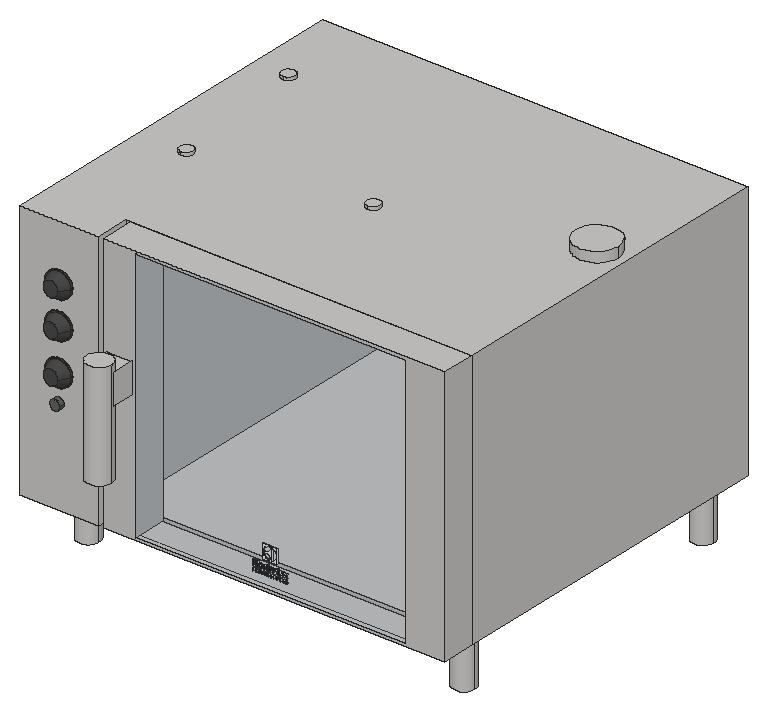
Revit family "QF_ELECTROLUXPROFESSIONAL_260688_EFCE61CSDS", category Attrezzature speciali, Revit 2018
Family settings
  Quota connettore circolare = Usa diametro
  Tipo di parte = Normale
  Basato su piano di lavoro = No
  Sempre verticale = Sì
  Taglio con vuoti quando caricato = No
  Condiviso = No
  Punto di calcolo locali = No
Parameters (values of type "Standard")
  Weight = 79.50 kg
  Watts = 7700 W
  Volts = 380 V
  URL Manufacturer = "https://www.electroluxprofessional.com/"
  URL = "https://www.electroluxprofessional.com/"
  Steam Supply Size = 0 mm
  Steam Supply Minimum Pressure = 0.0 Pa
  Steam Supply Maximum Pressure = 0.0 Pa
  Steam Consumption per Hour = 0
  Show Logo [instance] = yes
  Show Clearance [instance] = yes
  Refrigeration Suction Line Size = 0 mm
  Refrigeration Liquid Line Size = 0 mm
  Refrigerant Compressor Remote = yes
  Produttore = "Electrolux Professional"
  Phase = 3
  Modello = "EFCE61CSDS"
  Length Actual = 860 mm  # constant formula
  Item Number = "260688"
  Hot Water Size = 0 mm
  Height Actual = 633 mm  # constant formula
  HP = "10.3 HP"
  Gas Size = 0 mm
  Gas KW = 0
  Gas Input Pressure = 0 W
  Direct Waste Size = 25 mm
  Descrizione = "CONVECTION OVEN CW 6 GN 1/1 - ELECTRIC"
  Depth Actual = 746 mm  # constant formula
  Cycle = 50 Hz
  Condensate Return Size = 0 mm
  Compressed Air Volume = 0.0 L/s
  Compressed Air Size = 0 mm
  Compressed Air Pressure = 0.0 Pa
  Cold Water Size = 19.05 mm
  Accessory = yes
Types (2, lengths in mm): name | URL | Produttore | Phase | Modello | Direct Waste Size | Descrizione | Cold Water Size
  (no name) | 0 | 0 | 0 | 0 | 0 | 0 | 0
  Standard | "https://www.electroluxprofessional.com/" | "Electrolux Professional" | 3 | "EFCE61CSDS" | 25 | "CONVECTION OVEN CW 6 GN 1/1 - ELECTRIC" | 19.05
Values of the unnamed type that differ from the named types
  Weight = 0.00 kg
  Watts = 0 W
  Volts = 0 V
  URL Manufacturer = ""
  Item Number = ""
  HP = ""
  Cycle = 0 Hz
Reference planes
  plane 1 "Center X": y = 96.851
  plane 2: z = 0
  plane 3 "Center Y": x = -330
  plane 4 "LEFT": x = -760
  plane 5 "BACK": y = 479.851
  plane 6 "RIGHT": x = 100
  plane 7 "FRONT": y = -286.149
  plane 8: x = -710
  plane 9: y = 421.851
  plane 10: y = -217.149
  plane 11: x = 50
  plane 12: y = -935.149
  plane 13: z = 108
  plane 14 "Center Z": z = 633
  plane 15: z = 0
Forms (mm)
  Extrusion 1, solid, material "QF_Finishes_Stainless Steel"
    sketch origin (0, 0, 633) x (-1, 0, 0) y (0, -1, 0)
      loop
        line (760, -479.851) -> (760, 286.149) -> (600, 286.149) -> (600, 217.149) -> (-100, 217.149) -> (-100, -479.851) -> (760, -479.851)
    from 0 to -525
  Extrusion 2, solid, material "QF_Finishes_Stainless Steel"
    sketch origin (0, -286.149, -670) x (-1, 0, 0) y (0, 0, 1)
      loop
        line (590, 1303) -> (-100, 1303) -> (-100, 778) -> (590, 778) -> (590, 1303)
      loop
        line (525, 1298) -> (-20, 1298) -> (-20, 783) -> (525, 783) -> (525, 1298)
    from 0 to 69
  Extrusion 3, solid, material "QF_Finishes_Glass"
    sketch origin (0, -286.149, -670) x (-1, 0, 0) y (0, 0, 1)
      loop
        line (-20, 1298) -> (-20, 783) -> (525, 783) -> (525, 1298) -> (-20, 1298)
    from 0 to 9.69
  Extrusion 4, solid, material "QF_Finishes_Stainless Steel"
    sketch origin (-46, 39, 638) x (0, -1, 0) y (-1, 0, 0)
      loop
        circle (-265.851, 643) r 13.25
    from 0 to 5
  Extrusion 5, solid, material "QF_Door-Drawer Clearances", visible <- "Show Clearance", detail levels coarse
    sketch origin (0, 0, 633) x (-1, 0, 0) y (0, -1, 0)
      loop
        arc (590, 286.149) -> (370.364, 743.933) -> (-100, 935.149) r 704.475
        line (-100, 935.149) -> (-100, 286.149) -> (590, 286.149)
    from -525 to 0
  Extrusion 6, solid, material "QF_Finishes_Stainless Steel"
    sketch origin (-20, -252, 638) x (0, -1, 0) y (-1, 0, 0)
      loop
        circle (-265.851, 643) r 13.25
    from 0 to 5
  Extrusion 7, solid, material "QF_Finishes_Stainless Steel"
    sketch origin (335, -276, 638) x (0, -1, 0) y (-1, 0, 0)
      loop
        circle (-337.851, 658) r 13.25
    from 0 to 5
  Extrusion 8, solid, material "QF_Finishes_Black"
    sketch origin (24, -286.149, -751.676) x (-1, 0, 0) y (0, 0, 1)
      loop
        circle (704, 1195.5) r 26.676
    from 0 to -3
  Blend 9, solid, material "QF_Finishes_Black"
    base sketch origin (-6, -286.149, -751.676) x (1, 0, 0) y (0, 0, 1)
      loop
        circle (-674, 1195.5) r 25
    top sketch origin (-6, -286.149, -751.676) x (1, 0, 0) y (0, 0, 1)
      loop
        circle (-674, 1195.5) r 15
    from 3 to 21.442
  Extrusion 10, solid, material "QF_Finishes_Black"
    sketch origin (24, -286.149, -836.676) x (-1, 0, 0) y (0, 0, 1)
      loop
        circle (704, 1195.5) r 26.676
    from 0 to -3
  Blend 11, solid, material "QF_Finishes_Black"
    base sketch origin (-6, -286.149, -836.676) x (1, 0, 0) y (0, 0, 1)
      loop
        circle (-674, 1195.5) r 25
    top sketch origin (-6, -286.149, -836.676) x (1, 0, 0) y (0, 0, 1)
      loop
        circle (-674, 1195.5) r 15
    from 3 to 21.442
  Extrusion 12, solid, material "QF_Finishes_Black"
    sketch origin (24, -286.149, -971.676) x (-1, 0, 0) y (0, 0, 1)
      loop
        circle (704, 1490.5) r 26.676
    from 0 to -3
  Blend 13, solid, material "QF_Finishes_Black"
    base sketch origin (-6, -286.149, -971.676) x (1, 0, 0) y (0, 0, 1)
      loop
        circle (-674, 1490.5) r 25
    top sketch origin (-6, -286.149, -971.676) x (1, 0, 0) y (0, 0, 1)
      loop
        circle (-674, 1490.5) r 15
    from 3 to 21.442
  Extrusion 14, solid, material "QF_Finishes_Stainless Steel"
    sketch origin (0, -572.298, 425) x (-1, 0, 0) y (0, -1, 0)
      loop
        arc (584.299, -236.149) -> (559.299, -261.149) -> (534.299, -236.149) r 25
        line (534.299, -236.149) -> (534.299, -286.149) -> (584.299, -286.149) -> (584.299, -236.149)
    from -55.026 to 5
  Extrusion 15, solid, material "QF_Finishes_Stainless Steel"
    sketch origin (0, -534.298, 425) x (-1, 0, 0) y (0, -1, 0)
      loop
        circle (559.299, -198.149) r 25
    from -193.655 to 20
  Extrusion 16, solid, material "QF_Finishes_Dark_Gray"
    sketch origin (25, -336.149, -915) x (-1, 0, 0) y (0, 0, 1)
      loop
        circle (705.941, 1218.523) r 10
    from 40 to 50
  Extrusion 17, solid, material "QF_Finishes_Stainless Steel"
    sketch origin (72.184, -18.929, 633) x (-1, 0, 0) y (0, -1, 0)
      loop
        circle (32.184, -192.78) r 43
    from 0 to 20
  Extrusion 18, void
    sketch origin (-600, -680.149, 1750) x (-1, 0, 0) y (0, 0, 1)
      loop
        line (0, -1138.194) -> (-650, -1138.194) -> (-650, -1630) -> (0, -1630) -> (0, -1138.194)
    from 463 to 1102
Cuts and joins
  Extrusion 18 cuts Extrusion 1
Lines and regions (mm)
  Split face 1
    outline origin (-760, -286.149, 633) x (0, 0, -1) y (1, 0, 0)
      loop
        line (5, 15) -> (520, 15) -> (520, 145) -> (5, 145) -> (5, 15)
  Split face 2
    outline origin (-776.014, -286.149, 425.001) x (0, 0, -1) y (1, 0, 0)
      loop
        line (152.5, 78.5) -> (168.75, 78.5) -> (168.75, 113.5) -> (152.5, 113.5) -> (152.5, 78.5)
  Split face 3
    outline origin (-760, -286.149, 633) x (0, 0, -1) y (1, 0, 0)
      loop
        line (50, 15) -> (50, 145)
  Split face 4
    outline origin (-760, -286.149, 633) x (0, 0, -1) y (1, 0, 0)
      loop
        line (475, 15) -> (475, 145)
  Split face 5
    outline origin (20, -286.149, 113) x (1, 0, 0) y (0, 0, 1)
      loop
        line (-524.004, 73.11) -> (-374.004, 73.11) -> (-352.791, 94.323) -> (-192.209, 94.323) -> (-170.996, 73.11) -> (-20.996, 73.11) -> (-20.996, 448.11) -> (-524.004, 448.11) -> (-524.004, 73.11)
  symbolic lines
    curve 1: line (-760, -286.149, 1303) -> (-760, 479.851, 1303)
    curve 2: line (-760, 479.851, 1303) -> (100, 479.851, 1303)
    curve 3: line (-600, -217.149, 1303) -> (100, -217.149, 1303)
    curve 4: line (-600, -217.149, 1303) -> (-600, -286.149, 1303)
    curve 5: line (-760, -286.149, 1303) -> (100, -286.149, 1303)
    curve 6: line (-706.676, -289.149, 1303) -> (-653.324, -289.149, 1303)
    curve 7: line (-695, -307.591, 1303) -> (-665, -307.591, 1303)
    curve 8: line (-706.676, -289.149, 1303) -> (-706.676, -286.149, 1303)
    curve 9: line (-653.324, -289.149, 1303) -> (-653.324, -286.149, 1303)
    curve 10: line (-695, -307.591, 1303) -> (-705, -289.149, 1303)
    curve 11: line (-665, -307.591, 1303) -> (-655.006, -289.149, 1303)
    curve 12: line (100, 479.851, 1303) -> (100, -286.149, 1303)
    curve 14: line (-534.299, -336.149, 1303) -> (-534.299, -286.149, 1303)
    curve 15: line (-584.299, -286.149, 1303) -> (-584.299, -336.149, 1303)
    curve 16: arc (-534.299, -336.149, 1303) -> (-559.299, -361.149, 1303) -> (-584.299, -336.149, 1303) r 25
    curve 17: arc (-584.299, -336.149, 1303) -> (-559.299, -311.149, 1303) -> (-534.299, -336.149, 1303) r 25
    curve 19: arc (83, 173.851, 1303) -> (40, 216.851, 1303) -> (-3, 173.851, 1303) r 43
    curve 20: arc (-3, 173.851, 1303) -> (40, 130.851, 1303) -> (83, 173.851, 1303) r 43
  symbolic lines, style "QF_Door-Drawer Clearances"
    curve 13: line (100, -935.149, 1303) -> (100, -286.149, 1303)
    curve 18: arc (-590, -286.149, 1303) -> (-370.364, -743.933, 1303) -> (100, -935.149, 1303) r 704.475
Dimensions and locks
  equal spacing: plane 4 "LEFT", plane 3 "Center Y", plane 6 "RIGHT"
  plane 4 "LEFT" to plane 6 "RIGHT" = 860 mm
  plane 5 "BACK" to plane 7 "FRONT" = 766 mm
  equal spacing: plane 5 "BACK", plane 1 "Center X", plane 7 "FRONT"
  plane 5 "BACK" to plane 12 = 1415 mm
  plane 13 to plane 15 = 108 mm
  plane 14 "Center Z" to plane 13 = 525 mm
  plane 14 "Center Z" to plane 15 = 633 mm
  aligned and locked: level to plane 2
  aligned and locked: plane 13 to nested 1
  aligned and locked: plane 13 to nested 2
  aligned and locked: plane 13 to nested 4
  aligned and locked: plane 13 to nested 3
  aligned and locked: Extrusion 1 to plane 13
  aligned and locked: Blend 9 to Extrusion 8
  aligned and locked: Blend 11 to Extrusion 10
  aligned and locked: Blend 13 to Extrusion 12
Automatic sketch dimensions
  curve 16 to curve 17 = 0 mm  (x2)
  curve 19 to curve 20 = 0 mm  (x2)
  curve 18 to plane 6 "RIGHT" = 0 mm
  curve 14 to plane 7 "FRONT" = 0 mm
  curve 3 to plane 10 = 0 mm
  curve 1 to plane 4 "LEFT" = 0 mm
  curve 1 to plane 5 "BACK" = 0 mm
  curve 13 to plane 12 = 0 mm
  plane 6 "RIGHT" to curve 18 = 12.296 mm
  curve 20 to plane 11 = 10 mm
  curve 14 to plane 7 "FRONT" = 50 mm
  plane 8 to curve 14 = 175.701 mm
  curve 14 to curve 16 = 25 mm
  curve 15 to curve 3 = 15.701 mm
  curve 9 to plane 7 "FRONT" = 3 mm
  curve 4 to curve 9 = 53.324 mm
  curve 11 to plane 7 "FRONT" = 21.442 mm
  curve 6 to curve 11 = 11.676 mm
  plane 8 to curve 10 = 15 mm
  plane 8 to curve 8 = 3.324 mm
  curve 20 to plane 1 "Center X" = 77 mm
  curve 18 to plane 10 = 13.632 mm
  curve 19 to plane 6 "RIGHT" = 17 mm
  curve 6 to curve 11 = 1.682 mm
  curve 10 to curve 6 = 1.676 mm
  Extrusion 1 sketch curve to plane 5 "BACK" = 0 mm
  Extrusion 1 sketch curve to plane 6 "RIGHT" = 0 mm
  Extrusion 1 sketch curve to plane 10 = 0 mm
  Extrusion 1 sketch curve to plane 7 "FRONT" = 0 mm
  Extrusion 1 sketch curve to plane 4 "LEFT" = 0 mm
  plane 8 to Extrusion 1 sketch curve = 110 mm
  Extrusion 2 sketch curve to plane 6 "RIGHT" = 0 mm
  Extrusion 2 sketch curve to plane 13 = 0 mm
  Extrusion 2 sketch curve to plane 14 "Center Z" = 0 mm
  plane 13 to Extrusion 2 sketch curve = 5 mm
  Extrusion 2 sketch curve to plane 11 = 30 mm
  Extrusion 2 sketch curve to plane 14 "Center Z" = 5 mm
  plane 8 to Extrusion 2 sketch curve = 185 mm
  Extrusion 2 sketch curve to Extrusion 2 sketch curve = 65 mm
  plane 13 to Extrusion 3 sketch curve = 5 mm
  Extrusion 3 sketch curve to plane 11 = 30 mm
  plane 8 to Extrusion 3 sketch curve = 185 mm  (x2)
  Extrusion 3 sketch curve to plane 14 "Center Z" = 5 mm
  plane 8 to Extrusion 4 sketch curve = 21 mm
  Extrusion 4 sketch curve to plane 9 = 117 mm
  Extrusion 5 sketch curve to plane 6 "RIGHT" = 0 mm
  Extrusion 5 sketch curve to plane 7 "FRONT" = 0 mm
  Extrusion 5 sketch curve to plane 12 = 0 mm
  plane 6 "RIGHT" to Extrusion 5 sketch curve = 12.296 mm
  plane 8 to Extrusion 5 sketch curve = 120 mm
  Split face 1 sketch curve to Extrusion 1 = 5 mm  (x2)
  Split face 1 sketch curve to Extrusion 1 = 15 mm  (x2)
  Split face 2 sketch curve to Extrusion 1 = 62.514 mm
  Split face 2 sketch curve to Extrusion 1 = 164.501 mm
  Split face 2 sketch curve to Split face 2 sketch curve = 16.25 mm
  Split face 2 sketch curve to Split face 2 sketch curve = 35 mm
  plane 1 "Center X" to Extrusion 6 sketch curve = 83 mm
  plane 8 to Extrusion 6 sketch curve = 47 mm
  plane 3 "Center Y" to Extrusion 7 sketch curve = 7 mm
  plane 1 "Center X" to Extrusion 7 sketch curve = 35 mm
  Split face 3 sketch curve to Extrusion 1 = 15 mm  (x2)
  Split face 3 sketch curve to Extrusion 1 = 50 mm
  Split face 4 sketch curve to Extrusion 1 = 15 mm  (x2)
  Split face 4 sketch curve to Extrusion 1 = 50 mm
  plane 8 to Extrusion 8 sketch curve = 30 mm
  Extrusion 8 sketch curve to plane 14 "Center Z" = 189.176 mm
  plane 8 to Blend 9 sketch curve = 30 mm  (x2)
  Blend 9 sketch curve to plane 14 "Center Z" = 189.176 mm  (x2)
  plane 8 to Extrusion 10 sketch curve = 30 mm
  plane 13 to Extrusion 10 sketch curve = 250.824 mm
  plane 8 to Blend 11 sketch curve = 30 mm  (x2)
  plane 13 to Blend 11 sketch curve = 250.824 mm  (x2)
  plane 8 to Extrusion 12 sketch curve = 30 mm
  Extrusion 12 sketch curve to plane 14 "Center Z" = 114.176 mm
  plane 8 to Blend 13 sketch curve = 30 mm  (x2)
  Blend 13 sketch curve to plane 14 "Center Z" = 114.176 mm  (x2)
  Split face 5 sketch curve to Extrusion 3 = 20.996 mm  (x2)
  Split face 5 sketch curve to Extrusion 3 = 73.11 mm  (x2)
  Split face 5 sketch curve to Split face 5 sketch curve = 150 mm
  Split face 5 sketch curve to Split face 5 sketch curve = 21.213 mm  (x3)
  Split face 5 sketch curve to Split face 5 sketch curve = 160.583 mm
  Split face 5 sketch curve to Extrusion 3 = 66.89 mm
  Extrusion 14 sketch curve to plane 7 "FRONT" = 0 mm
  plane 8 to Extrusion 14 sketch curve = 175.701 mm
  Extrusion 14 sketch curve to Extrusion 14 sketch curve = 25 mm
  Extrusion 14 sketch curve to Extrusion 14 sketch curve = 50 mm
  Extrusion 14 sketch curve to plane 7 "FRONT" = 50 mm
  Extrusion 14 sketch curve to Extrusion 14 sketch curve = 0 mm  (x3)
  Extrusion 15 sketch curve to plane 7 "FRONT" = 50 mm
  plane 8 to Extrusion 15 sketch curve = 150.701 mm
  plane 8 to Extrusion 16 sketch curve = 29.059 mm
  plane 13 to Extrusion 16 sketch curve = 195.523 mm
  Extrusion 17 sketch curve to plane 11 = 10 mm
  Extrusion 17 sketch curve to plane 1 "Center X" = 77 mm
  Extrusion 18 sketch curve to plane 11 = 0 mm
  plane 13 to Extrusion 18 sketch curve = 12 mm
  plane 8 to Extrusion 18 sketch curve = 110 mm
  Extrusion 18 sketch curve to plane 14 "Center Z" = 21.194 mm
  radius of Extrusion 4 sketch curve = 13.25 mm
  radius of Extrusion 6 sketch curve = 13.25 mm
  radius of Extrusion 7 sketch curve = 13.25 mm
  radius of Extrusion 8 sketch curve = 26.676 mm
  radius of Blend 9 sketch curve = 25 mm
  radius of Blend 9 sketch curve = 15 mm
  radius of Extrusion 10 sketch curve = 26.676 mm
  radius of Blend 11 sketch curve = 25 mm
  radius of Blend 11 sketch curve = 15 mm
  radius of Extrusion 12 sketch curve = 26.676 mm
  radius of Blend 13 sketch curve = 25 mm
  radius of Blend 13 sketch curve = 15 mm
  radius of Extrusion 15 sketch curve = 25 mm
  radius of Extrusion 16 sketch curve = 10 mm
  radius of Extrusion 17 sketch curve = 43 mm
Nested families
  nested 1: "Foot" at (-710, -175.149, 0), type "Foot"
    with Ø 22 mm, H 108 mm
  nested 2: "Foot" at (50, -175.149, 0), type "Foot"
    with Ø 22 mm, H 108 mm
  nested 3: "Foot" at (50, 429.851, 0), type "Foot"
    with Ø 22 mm, H 108 mm
  nested 4: "Foot" at (-710, 429.851, 0), type "Foot"
    with Ø 22 mm, H 108 mm
  nested 5: "ELX_Pro_Logo" at (-252.5, -286.149, 163.012) x (1, 0, 0) z (0, -1, 0), type "ELX_Pro_Logo"
Connectors
  piping at (-323, 61.851, 638), diameter 26.4
    settings: on Extrusion 7, index 6, connector inside diameter 609.6 mm, connector length 0 mm, flow factor 0, pipe flow 0.0 L/s, pressure drop 0.0 Pa, fitting loss kfactor 0, connector angle 0.00°, fixture units 0, engagement length 0 mm, angle of deflection 0.00°, flow configuration 0, flow direction 0, fitting loss method 0, system type 16, joint type 0, gender type 0, connector reference index -1, connector utility 0, adjustable connector no, is connector primary yes, connector description ""
  electrical at (-663, 13.851, 638)
    settings: on Extrusion 6, index 7, voltage 0 V, apparent load 0 VA, apparent load phase1 0 VA, apparent load phase2 0 VA, apparent load phase3 0 VA, power factor 1, load classification "Altro", number of poles 1, system type 30, power factor state 1, is connector primary yes, connector utility no, sub classification motor no, connector description ""
  piping at (-689, 304.851, 638), diameter 19.05, driven by "Cold Water Size"
    settings: on Extrusion 4, index 8, connector inside diameter 609.6 mm, connector length 0 mm, flow factor 0, pipe flow 0.0 L/s, pressure drop 0.0 Pa, fitting loss kfactor 0, connector angle 0.00°, fixture units 0, engagement length 0 mm, angle of deflection 0.00°, flow configuration 0, flow direction 0, fitting loss method 0, system type 20, joint type 0, gender type 0, connector reference index -1, connector utility 0, adjustable connector no, is connector primary no, connector description "Cold Water Inlet"
Definition of nested family "Foot"
  Parameters
    Ø [instance] = 20 mm
    H [instance] = 50 mm
  Reference planes
    plane 1 "Centro (Fronte/Retro)": y = 0
    plane 2: z = 0
    plane 3 "Centro (Sinistra/Destra)": x = 0
    plane 4: z = 50
  Forms (mm)
    Revolve 1, solid
      sketch origin (255.05, 0, 608.09) x (0, 0, 1) y (-1, 0, 0)
        loop
          line (-608.09, 255.05) -> (-608.09, 235.05) -> (-558.09, 235.05) -> (-558.09, 255.05) -> (-608.09, 255.05)
        axis (-608.09, 255.05) -> (-558.09, 255.05)
      angle from 0 to 360
  Dimensions and locks
    "H": plane 4 to plane 2
    "Ø": Revolve 1 sketch curve to Revolve 1 sketch curve
    aligned and locked: level to plane 2
    aligned and locked: plane 4 to Revolve 1 sketch curve
    aligned and locked: Revolve 1 sketch curve to level
    aligned and locked: plane 3 "Centro (Sinistra/Destra)" to Revolve 1 sketch curve
  Automatic sketch dimensions
    Revolve 1 sketch curve to plane 3 "Centro (Sinistra/Destra)" = 0 mm
    Revolve 1 sketch curve to Revolve 1 sketch curve = 50 mm
    Revolve 1 sketch curve to Revolve 1 sketch curve = 20 mm
Definition of nested family "ELX_Pro_Logo"
  Parameters (values of type "ELX_Pro_Logo")
    M = none
    Default Elevation = 0 mm
  Reference planes
    plane 1 "Centro (Fronte/Retro)": y = 0
    plane 2: z = 0
    plane 3 "Centro (Sinistra/Destra)": x = 0
  Forms (mm)
    Extrusion 1, solid
      sketch origin (0, 0, 0) x (1, 0, 0) y (0, 1, 0)
        loop
          line (-1219.2, 1219.2) -> (-1219.2, -1219.2) -> (1219.2, -1219.2) -> (1219.2, 1219.2) -> (-1219.2, 1219.2)
      from 0 to -304.8
    Extrusion 2, solid, material <- "M"
      sketch origin (-144.622, -1081.55, 0) x (-1, 0, 0) y (0, -1, 0)
        loop
          line (-111.329, -1069.559) -> (-111.329, -1071.073) -> (-116.048, -1071.073) -> (-116.048, -1072.896) -> (-111.328, -1072.896) -> (-111.328, -1075.549) -> (-116.349, -1075.549) -> (-116.349, -1077.368) -> (-109.396, -1077.368) -> (-109.396, -1073.46) -> (-109.396, -1069.659)
          arc (-109.396, -1069.659) -> (-110.425, -1067.175) -> (-112.909, -1066.146) r 3.513
          line (-112.909, -1066.146) -> (-116.483, -1066.146) -> (-116.483, -1067.963) -> (-112.925, -1067.963)
          arc (-112.925, -1067.963) -> (-111.797, -1068.431) -> (-111.329, -1069.559) r 1.596
        loop
          line (-119.79, -1077.358) -> (-117.856, -1077.358) -> (-117.856, -1072.053) -> (-117.856, -1066.132) -> (-119.79, -1066.132) -> (-119.79, -1072.092) -> (-119.79, -1077.358)
        loop
          line (-122.986, -1069.718) -> (-129.327, -1069.718)
          arc (-129.327, -1069.718) -> (-129.219, -1071.449) -> (-128.497, -1073.026) r 4.757
          arc (-128.497, -1073.026) -> (-125.237, -1074.5) -> (-121.978, -1073.026) r 4.34
          arc (-121.978, -1073.026) -> (-121.072, -1070.207) -> (-121.978, -1067.388) r 4.838
          arc (-121.978, -1067.388) -> (-125.393, -1065.933) -> (-128.809, -1067.388) r 4.737
          line (-128.809, -1067.388) -> (-127.645, -1068.52)
          arc (-127.645, -1068.52) -> (-125.509, -1067.576) -> (-123.374, -1068.52) r 2.888
          arc (-123.374, -1068.52) -> (-123.05, -1069.077) -> (-122.986, -1069.718) r 1.527
        loop
          arc (-127.386, -1071.076) -> (-126.67, -1072.331) -> (-125.331, -1072.872) r 2.201
          arc (-125.331, -1072.872) -> (-123.848, -1072.402) -> (-123.033, -1071.076) r 2.23
          line (-123.033, -1071.076) -> (-127.386, -1071.076)
        loop
          line (-136.862, -1071.886) -> (-138.059, -1073.132)
          arc (-138.059, -1073.132) -> (-130.327, -1070.219) -> (-138.059, -1067.306) r 4.415
          line (-138.059, -1067.306) -> (-136.862, -1068.553)
          arc (-136.862, -1068.553) -> (-132.252, -1070.22) -> (-136.862, -1071.886) r 2.606
        loop
          line (-141.192, -1069.673) -> (-141.192, -1072.494) -> (-142.951, -1072.494) -> (-142.951, -1074.25) -> (-141.195, -1074.25) -> (-141.195, -1077.358) -> (-139.262, -1077.358) -> (-139.262, -1073.332) -> (-139.262, -1069.514)
          arc (-139.262, -1069.514) -> (-140.299, -1066.92) -> (-142.98, -1066.132) r 3.196
          line (-142.98, -1066.132) -> (-142.987, -1067.949)
          arc (-142.987, -1067.949) -> (-141.652, -1068.356) -> (-141.192, -1069.673) r 1.542
        loop
          line (-146.494, -1073.042) -> (-146.494, -1074.25) -> (-144.576, -1074.25) -> (-144.576, -1070.271) -> (-144.576, -1066.132) -> (-146.494, -1066.132) -> (-146.494, -1070.401)
          arc (-146.494, -1070.401) -> (-147.446, -1072.228) -> (-149.489, -1072.494) r 2.229
          line (-149.489, -1072.494) -> (-149.489, -1074.362)
          arc (-149.489, -1074.362) -> (-147.761, -1074.226) -> (-146.494, -1073.042) r 2.627
        loop
          line (-159.833, -1072.246) -> (-159.833, -1066.131) -> (-161.767, -1066.131) -> (-161.767, -1072.17) -> (-161.767, -1077.359) -> (-159.833, -1077.359) -> (-159.833, -1072.246)
        loop
          line (-165.194, -1069.514) -> (-165.194, -1074.25) -> (-163.245, -1074.25) -> (-163.245, -1071.898) -> (-163.245, -1069.098)
          arc (-163.245, -1069.098) -> (-166.96, -1065.769) -> (-170.687, -1069.085) r 3.745
          line (-170.687, -1069.085) -> (-170.687, -1071.898) -> (-170.687, -1074.25) -> (-168.739, -1074.25) -> (-168.739, -1069.514)
          arc (-168.739, -1069.514) -> (-166.967, -1067.742) -> (-165.194, -1069.514) r 1.772
        loop
          line (-174.654, -1070.416) -> (-172.975, -1068.078) -> (-171.578, -1066.131) -> (-173.656, -1066.131) -> (-175.717, -1068.999) -> (-177.779, -1066.131) -> (-179.857, -1066.131) -> (-178, -1068.728) -> (-176.781, -1070.433) -> (-178.29, -1072.488) -> (-179.583, -1074.25) -> (-177.473, -1074.25) -> (-175.717, -1071.818) -> (-173.945, -1074.25) -> (-171.852, -1074.25) -> (-173.052, -1072.608) -> (-174.654, -1070.416)
        loop
          circle (-154.223, -1070.188) r 2.508
        loop
          circle (-154.223, -1070.188) r 4.42
        loop
          line (-110.224, -1058.542) -> (-111.194, -1058.542)
          arc (-111.194, -1058.542) -> (-112.217, -1059.95) -> (-110.924, -1061.114) r 1.3
          line (-110.924, -1061.114) -> (-109.424, -1061.114) -> (-109.424, -1057.223) -> (-110.224, -1057.223) -> (-110.224, -1058.542)
        loop
          line (-110.224, -1060.379) -> (-110.224, -1059.293) -> (-111.03, -1059.293)
          arc (-111.03, -1059.293) -> (-111.43, -1059.836) -> (-111.03, -1060.379) r 0.569
          line (-111.03, -1060.379) -> (-110.224, -1060.379)
        loop
          line (-116.302, -1058.564) -> (-117.128, -1058.564) -> (-117.934, -1057.223) -> (-118.841, -1057.223) -> (-117.833, -1058.884)
          arc (-117.833, -1058.884) -> (-118.214, -1060.282) -> (-117.028, -1061.114) r 1.26
          line (-117.028, -1061.114) -> (-115.503, -1061.114) -> (-115.503, -1057.223) -> (-116.302, -1057.223) -> (-116.302, -1058.564)
        loop
          line (-116.302, -1060.379) -> (-116.302, -1059.293) -> (-117.109, -1059.293)
          arc (-117.109, -1059.293) -> (-117.508, -1059.836) -> (-117.109, -1060.379) r 0.569
          line (-117.109, -1060.379) -> (-116.302, -1060.379)
        loop
          line (-128.923, -1057.223) -> (-129.723, -1057.223) -> (-129.723, -1058.714) -> (-131.187, -1058.714) -> (-131.187, -1059.514) -> (-129.723, -1059.514) -> (-129.723, -1060.314) -> (-131.327, -1060.314) -> (-131.327, -1061.114) -> (-128.923, -1061.114) -> (-128.923, -1057.223)
        loop
          arc (-134.628, -1058.469) -> (-134.992, -1057.588) -> (-135.874, -1057.223) r 1.246
          line (-135.874, -1057.223) -> (-137.13, -1057.223) -> (-137.13, -1058.023) -> (-135.969, -1058.023)
          arc (-135.969, -1058.023) -> (-135.53, -1058.237) -> (-135.427, -1058.714) r 0.558
          line (-135.427, -1058.714) -> (-136.984, -1058.714) -> (-136.984, -1059.514) -> (-135.427, -1059.514) -> (-135.427, -1060.314) -> (-137.092, -1060.314) -> (-137.092, -1061.114) -> (-134.628, -1061.114) -> (-134.628, -1058.469)
        loop
          line (-152.3, -1057.223) -> (-153.1, -1057.223) -> (-153.1, -1061.114) -> (-152.3, -1061.114) -> (-152.3, -1057.223)
        loop
          line (-164.67, -1057.223) -> (-164.67, -1059.67) -> (-166.45, -1057.223) -> (-167.25, -1057.223) -> (-167.25, -1061.114) -> (-166.42, -1061.114) -> (-166.42, -1058.594) -> (-164.64, -1061.114) -> (-163.84, -1061.114) -> (-163.84, -1057.223) -> (-164.67, -1057.223)
        loop
          line (-170.403, -1057.223) -> (-171.262, -1057.223) -> (-171.641, -1058.063) -> (-173.08, -1058.063) -> (-173.459, -1057.223) -> (-174.317, -1057.223) -> (-172.796, -1061.113) -> (-171.996, -1061.113) -> (-170.403, -1057.223)
        loop
          line (-177.493, -1057.223) -> (-179.789, -1057.223) -> (-179.789, -1058.023) -> (-178.293, -1058.023) -> (-178.293, -1061.114) -> (-177.493, -1061.114) -> (-177.493, -1057.223)
        loop
          line (-172.362, -1059.848) -> (-171.945, -1058.83) -> (-172.76, -1058.83) -> (-172.362, -1059.848)
        loop
          circle (-158.484, -1059.145) r 1.288
        loop
          circle (-158.484, -1059.145) r 2.065
        loop
          arc (-146.04, -1058.095) -> (-146.933, -1057.275) -> (-148.145, -1057.245) r 1.725
          arc (-148.145, -1057.245) -> (-148.965, -1058.02) -> (-148.68, -1059.111) r 1.107
          arc (-148.68, -1059.111) -> (-148.103, -1059.465) -> (-147.486, -1059.746) r 5.523
          arc (-147.486, -1059.746) -> (-147.147, -1060.262) -> (-147.708, -1060.52) r 0.407
          arc (-147.708, -1060.52) -> (-148.045, -1060.315) -> (-148.325, -1060.038) r 1.702
          line (-148.325, -1060.038) -> (-149.011, -1060.45)
          arc (-149.011, -1060.45) -> (-148.578, -1060.911) -> (-148.043, -1061.247) r 2.463
          arc (-148.043, -1061.247) -> (-146.373, -1060.466) -> (-147.42, -1058.949) r 1.207
          spline (-147.42, -1058.949) -> (-147.716, -1058.809) -> (-147.932, -1058.678) -> (-148.077, -1058.557) -> (-148.163, -1058.446) -> (-148.198, -1058.347) -> (-148.192, -1058.258) -> (-148.157, -1058.182) -> (-148.102, -1058.118) -> (-148.037, -1058.068) -> (-147.972, -1058.031) -> (-147.917, -1058.008) -> (-147.883, -1058)
          arc (-147.883, -1058) -> (-147.238, -1058.014) -> (-146.759, -1058.446) r 0.925
          line (-146.759, -1058.446) -> (-146.04, -1058.095)
        loop
          arc (-140.18, -1058.095) -> (-141.073, -1057.275) -> (-142.285, -1057.245) r 1.725
          arc (-142.285, -1057.245) -> (-143.106, -1058.02) -> (-142.821, -1059.111) r 1.107
          arc (-142.821, -1059.111) -> (-142.243, -1059.465) -> (-141.627, -1059.746) r 5.523
          arc (-141.627, -1059.746) -> (-141.287, -1060.262) -> (-141.849, -1060.52) r 0.407
          arc (-141.849, -1060.52) -> (-142.185, -1060.315) -> (-142.466, -1060.038) r 1.702
          line (-142.466, -1060.038) -> (-143.151, -1060.45)
          arc (-143.151, -1060.45) -> (-142.719, -1060.911) -> (-142.183, -1061.247) r 2.463
          arc (-142.183, -1061.247) -> (-140.513, -1060.466) -> (-141.56, -1058.949) r 1.207
          spline (-141.56, -1058.949) -> (-141.856, -1058.809) -> (-142.072, -1058.678) -> (-142.218, -1058.557) -> (-142.303, -1058.446) -> (-142.338, -1058.347) -> (-142.333, -1058.258) -> (-142.298, -1058.182) -> (-142.242, -1058.118) -> (-142.177, -1058.068) -> (-142.112, -1058.031) -> (-142.057, -1058.008) -> (-142.023, -1058)
          arc (-142.023, -1058) -> (-141.378, -1058.014) -> (-140.9, -1058.446) r 0.925
          line (-140.9, -1058.446) -> (-140.18, -1058.095)
        loop
          circle (-123.484, -1059.145) r 1.288
        loop
          circle (-123.484, -1059.145) r 2.065
        loop
          line (-130.225, -1113.361) -> (-130.225, -1084.645) -> (-158.979, -1084.645) -> (-158.979, -1113.361) -> (-130.225, -1113.361)
        loop
          arc (-148.442, -1086.055) -> (-157.992, -1098.973) -> (-148.442, -1111.892) r 13.512
          line (-148.442, -1111.892) -> (-148.442, -1086.055)
        loop
          line (-147.127, -1086.055) -> (-147.127, -1087.926)
          arc (-147.127, -1087.926) -> (-143.116, -1095.125) -> (-135.48, -1098.224) r 12.412
          line (-135.48, -1098.224) -> (-131.205, -1098.224)
          arc (-131.205, -1098.224) -> (-136.382, -1088.497) -> (-147.127, -1086.055) r 13.242
        loop
          line (-147.127, -1110.021) -> (-147.127, -1112.224)
          arc (-147.127, -1112.224) -> (-136.374, -1109.53) -> (-131.205, -1099.722) r 13.588
          line (-131.205, -1099.722) -> (-135.48, -1099.722)
          arc (-135.48, -1099.722) -> (-143.116, -1102.822) -> (-147.127, -1110.021) r 12.412
      from 0 to 1.6
  Lines and regions (mm)
    symbolic lines
      curve 1: line (-14.357, 31.811, 0) -> (14.357, 31.811, 0)
      curve 2: line (-14.357, 3.095, 0) -> (-14.357, 31.811, 0)
      curve 3: line (14.357, 3.095, 0) -> (-14.357, 3.095, 0)
      curve 4: line (14.357, 31.811, 0) -> (14.357, 3.095, 0)
      curve 5: line (-8.32, 7.722, 0) -> (-9.387, 8.738, 0)
      curve 6: line (-9.387, 8.738, 0) -> (-10.331, 9.866, 0)
      curve 7: line (-10.331, 9.866, 0) -> (-11.141, 11.095, 0)
      curve 8: line (-11.141, 11.095, 0) -> (-11.805, 12.411, 0)
      curve 9: line (-11.805, 12.411, 0) -> (-12.31, 13.803, 0)
      curve 10: line (-12.31, 13.803, 0) -> (-12.646, 15.26, 0)
      curve 11: line (-12.646, 15.26, 0) -> (-12.8, 16.77, 0)
      curve 12: line (-12.8, 16.77, 0) -> (-10.081, 16.77, 0)
      curve 13: line (-10.081, 16.77, 0) -> (-8.466, 16.661, 0)
      curve 14: line (-8.466, 16.661, 0) -> (-6.88, 16.344, 0)
      curve 15: line (-6.88, 16.344, 0) -> (-5.345, 15.833, 0)
      curve 16: line (-5.345, 15.833, 0) -> (-3.882, 15.143, 0)
      curve 17: line (-3.882, 15.143, 0) -> (-2.511, 14.288, 0)
      curve 18: line (-2.511, 14.288, 0) -> (-1.255, 13.283, 0)
      curve 19: line (-1.255, 13.283, 0) -> (-0.135, 12.143, 0)
      curve 20: line (-0.135, 12.143, 0) -> (0.83, 10.882, 0)
      curve 21: line (0.83, 10.882, 0) -> (1.616, 9.515, 0)
      curve 22: arc (1.616, 9.515, 0) -> (2.419, 7.28, 0) -> (2.7, 4.923, 0) r 10.532
      curve 23: arc (2.7, 4.923, 0) -> (1.362, 4.715, 0) -> (0.011, 4.633, 0) r 14.39
      curve 24: line (0.011, 4.633, 0) -> (-1.56, 4.731, 0)
      curve 25: line (-1.56, 4.731, 0) -> (-3.062, 5.011, 0)
      curve 26: line (-3.062, 5.011, 0) -> (-4.502, 5.462, 0)
      curve 27: line (-4.502, 5.462, 0) -> (-5.866, 6.072, 0)
      curve 28: line (-5.866, 6.072, 0) -> (-7.142, 6.829, 0)
      curve 29: line (-7.142, 6.829, 0) -> (-8.32, 7.722, 0)
      curve 30: line (-10.802, 24.24, 0) -> (-9.872, 25.531, 0)
      curve 31: line (-9.872, 25.531, 0) -> (-8.796, 26.699, 0)
      curve 32: line (-8.796, 26.699, 0) -> (-7.587, 27.728, 0)
      curve 33: line (-7.587, 27.728, 0) -> (-6.258, 28.602, 0)
      curve 34: line (-6.258, 28.602, 0) -> (-4.823, 29.309, 0)
      curve 35: line (-4.823, 29.309, 0) -> (-3.293, 29.832, 0)
      curve 36: line (-3.293, 29.832, 0) -> (-1.683, 30.156, 0)
      curve 37: arc (-1.683, 30.156, 0) -> (0.517, 30.256, 0) -> (2.702, 29.984, 0) r 13.008
      curve 38: arc (2.702, 29.984, 0) -> (2.453, 27.616, 0) -> (1.617, 25.387, 0) r 9.395
      curve 39: line (1.617, 25.387, 0) -> (0.83, 24.018, 0)
      curve 40: line (0.83, 24.018, 0) -> (-0.134, 22.756, 0)
      curve 41: line (-0.134, 22.756, 0) -> (-1.255, 21.615, 0)
      curve 42: line (-1.255, 21.615, 0) -> (-2.512, 20.609, 0)
      curve 43: line (-2.512, 20.609, 0) -> (-3.882, 19.754, 0)
      curve 44: line (-3.882, 19.754, 0) -> (-5.346, 19.063, 0)
      curve 45: line (-5.346, 19.063, 0) -> (-6.881, 18.551, 0)
      curve 46: line (-6.881, 18.551, 0) -> (-8.467, 18.234, 0)
      curve 47: line (-8.467, 18.234, 0) -> (-10.083, 18.125, 0)
      curve 48: line (-10.083, 18.125, 0) -> (-12.798, 18.125, 0)
      curve 49: line (-12.798, 18.125, 0) -> (-12.584, 19.768, 0)
      curve 50: line (-12.584, 19.768, 0) -> (-12.171, 21.343, 0)
      curve 51: line (-12.171, 21.343, 0) -> (-11.572, 22.839, 0)
      curve 52: line (-11.572, 22.839, 0) -> (-10.802, 24.24, 0)
      curve 53: line (4.048, 5.294, 0) -> (4.048, 29.617, 0)
      curve 54: line (4.048, 29.617, 0) -> (5.525, 29.026, 0)
      curve 55: line (5.525, 29.026, 0) -> (6.905, 28.26, 0)
      curve 56: line (6.905, 28.26, 0) -> (8.174, 27.332, 0)
      curve 57: line (8.174, 27.332, 0) -> (9.318, 26.256, 0)
      curve 58: line (9.318, 26.256, 0) -> (10.323, 25.046, 0)
      curve 59: line (10.323, 25.046, 0) -> (11.177, 23.715, 0)
      curve 60: line (11.177, 23.715, 0) -> (11.865, 22.277, 0)
      curve 61: line (11.865, 22.277, 0) -> (12.375, 20.746, 0)
      curve 62: line (12.375, 20.746, 0) -> (12.693, 19.135, 0)
      curve 63: line (12.693, 19.135, 0) -> (12.804, 17.459, 0)
      curve 64: line (12.804, 17.459, 0) -> (12.702, 15.807, 0)
      curve 65: line (12.702, 15.807, 0) -> (12.396, 14.216, 0)
      curve 66: line (12.396, 14.216, 0) -> (11.897, 12.7, 0)
      curve 67: line (11.897, 12.7, 0) -> (11.218, 11.271, 0)
      curve 68: line (11.218, 11.271, 0) -> (10.372, 9.944, 0)
      curve 69: line (10.372, 9.944, 0) -> (9.37, 8.731, 0)
      curve 70: line (9.37, 8.731, 0) -> (8.224, 7.646, 0)
      curve 71: line (8.224, 7.646, 0) -> (6.947, 6.703, 0)
      curve 72: line (6.947, 6.703, 0) -> (5.551, 5.914, 0)
      curve 73: line (5.551, 5.914, 0) -> (4.048, 5.294, 0)
      curve 74: line (-35.227, -8.09, 0) -> (-35.227, -11.891, 0)
      curve 75: arc (-35.227, -11.891, 0) -> (-34.198, -14.375, 0) -> (-31.714, -15.404, 0) r 3.513
      curve 76: line (-31.714, -15.404, 0) -> (-28.139, -15.404, 0)
      curve 77: line (-28.139, -15.404, 0) -> (-28.139, -13.587, 0)
      curve 78: line (-28.139, -13.587, 0) -> (-31.697, -13.587, 0)
      curve 79: arc (-31.697, -13.587, 0) -> (-32.826, -13.119, 0) -> (-33.293, -11.991, 0) r 1.596
      curve 80: line (-33.293, -11.991, 0) -> (-33.293, -10.477, 0)
      curve 81: line (-33.293, -10.477, 0) -> (-28.574, -10.477, 0)
      curve 82: line (-28.574, -10.477, 0) -> (-28.574, -8.654, 0)
      curve 83: line (-28.574, -8.654, 0) -> (-33.294, -8.654, 0)
      curve 84: line (-33.294, -8.654, 0) -> (-33.294, -6.001, 0)
      curve 85: line (-33.294, -6.001, 0) -> (-28.273, -6.001, 0)
      curve 86: line (-28.273, -6.001, 0) -> (-28.273, -4.182, 0)
      curve 87: line (-28.273, -4.182, 0) -> (-35.227, -4.182, 0)
      curve 88: line (-35.227, -4.182, 0) -> (-35.227, -8.09, 0)
      curve 89: line (-24.833, -9.458, 0) -> (-24.833, -4.192, 0)
      curve 90: line (-24.833, -4.192, 0) -> (-26.766, -4.192, 0)
      curve 91: line (-26.766, -4.192, 0) -> (-26.766, -9.497, 0)
      curve 92: line (-26.766, -9.497, 0) -> (-26.766, -15.418, 0)
      curve 93: line (-26.766, -15.418, 0) -> (-24.833, -15.418, 0)
      curve 94: line (-24.833, -15.418, 0) -> (-24.833, -9.458, 0)
      curve 95: arc (-16.125, -8.524, 0) -> (-19.385, -7.05, 0) -> (-22.645, -8.524, 0) r 4.34
      curve 96: arc (-22.645, -8.524, 0) -> (-23.551, -11.343, 0) -> (-22.645, -14.162, 0) r 4.838
      curve 97: arc (-22.645, -14.162, 0) -> (-19.229, -15.617, 0) -> (-15.813, -14.162, 0) r 4.737
      curve 98: line (-15.813, -14.162, 0) -> (-16.978, -13.03, 0)
      curve 99: arc (-16.978, -13.03, 0) -> (-19.113, -13.974, 0) -> (-21.249, -13.03, 0) r 2.888
      curve 100: arc (-21.249, -13.03, 0) -> (-21.572, -12.473, 0) -> (-21.637, -11.832, 0) r 1.527
      curve 101: line (-21.637, -11.832, 0) -> (-15.295, -11.832, 0)
      curve 102: arc (-15.295, -11.832, 0) -> (-15.404, -10.101, 0) -> (-16.125, -8.524, 0) r 4.757
      curve 103: line (-17.236, -10.474, 0) -> (-21.589, -10.474, 0)
      curve 104: arc (-21.589, -10.474, 0) -> (-20.774, -9.148, 0) -> (-19.291, -8.678, 0) r 2.23
      curve 105: arc (-19.291, -8.678, 0) -> (-17.952, -9.219, 0) -> (-17.236, -10.474, 0) r 2.201
      curve 106: arc (-6.563, -8.418, 0) -> (-14.295, -11.331, 0) -> (-6.563, -14.244, 0) r 4.415
      curve 107: line (-6.563, -14.244, 0) -> (-7.761, -12.997, 0)
      curve 108: arc (-7.761, -12.997, 0) -> (-12.371, -11.33, 0) -> (-7.761, -9.664, 0) r 2.606
      curve 109: line (-7.761, -9.664, 0) -> (-6.563, -8.418, 0)
      curve 110: line (-5.361, -4.192, 0) -> (-5.361, -8.218, 0)
      curve 111: line (-5.361, -8.218, 0) -> (-5.361, -12.036, 0)
      curve 112: arc (-5.361, -12.036, 0) -> (-4.323, -14.63, 0) -> (-1.642, -15.418, 0) r 3.196
      curve 113: line (-1.642, -15.418, 0) -> (-1.636, -13.601, 0)
      curve 114: arc (-1.636, -13.601, 0) -> (-2.97, -13.194, 0) -> (-3.43, -11.877, 0) r 1.542
      curve 115: line (-3.43, -11.877, 0) -> (-3.43, -9.056, 0)
      curve 116: line (-3.43, -9.056, 0) -> (-1.672, -9.056, 0)
      curve 117: line (-1.672, -9.056, 0) -> (-1.672, -7.299, 0)
      curve 118: line (-1.672, -7.299, 0) -> (-3.427, -7.299, 0)
      curve 119: line (-3.427, -7.299, 0) -> (-3.427, -4.192, 0)
      curve 120: line (-3.427, -4.192, 0) -> (-5.361, -4.192, 0)
      curve 121: line (1.872, -7.3, 0) -> (-0.046, -7.3, 0)
      curve 122: line (-0.046, -7.3, 0) -> (-0.046, -11.279, 0)
      curve 123: line (-0.046, -11.279, 0) -> (-0.046, -15.418, 0)
      curve 124: line (-0.046, -15.418, 0) -> (1.872, -15.418, 0)
      curve 125: line (1.872, -15.418, 0) -> (1.872, -11.149, 0)
      curve 126: arc (1.872, -11.149, 0) -> (2.824, -9.322, 0) -> (4.867, -9.056, 0) r 2.229
      curve 127: line (4.867, -9.056, 0) -> (4.867, -7.188, 0)
      curve 128: arc (4.867, -7.188, 0) -> (3.138, -7.324, 0) -> (1.872, -8.508, 0) r 2.627
      curve 129: line (1.872, -8.508, 0) -> (1.872, -7.3, 0)
      curve 130: arc (7.092, -11.362, 0) -> (9.601, -8.854, 0) -> (12.109, -11.362, 0) r 2.508
      curve 131: arc (12.109, -11.362, 0) -> (9.601, -13.871, 0) -> (7.092, -11.362, 0) r 2.508
      curve 132: arc (5.18, -11.362, 0) -> (9.601, -15.783, 0) -> (14.021, -11.362, 0) r 4.42
      curve 133: arc (14.021, -11.362, 0) -> (9.601, -6.942, 0) -> (5.18, -11.362, 0) r 4.42
      curve 134: line (15.211, -4.191, 0) -> (15.211, -9.304, 0)
      curve 135: line (15.211, -9.304, 0) -> (15.211, -15.419, 0)
      curve 136: line (15.211, -15.419, 0) -> (17.145, -15.419, 0)
      curve 137: line (17.145, -15.419, 0) -> (17.145, -9.38, 0)
      curve 138: line (17.145, -9.38, 0) -> (17.145, -4.191, 0)
      curve 139: line (17.145, -4.191, 0) -> (15.211, -4.191, 0)
      curve 140: line (18.622, -7.299, 0) -> (18.622, -9.652, 0)
      curve 141: line (18.622, -9.652, 0) -> (18.622, -12.452, 0)
      curve 142: arc (18.622, -12.452, 0) -> (22.338, -15.781, 0) -> (26.064, -12.465, 0) r 3.745
      curve 143: line (26.064, -12.465, 0) -> (26.064, -9.652, 0)
      curve 144: line (26.064, -9.652, 0) -> (26.064, -7.299, 0)
      curve 145: line (26.064, -7.299, 0) -> (24.116, -7.299, 0)
      curve 146: line (24.116, -7.299, 0) -> (24.116, -12.036, 0)
      curve 147: arc (24.116, -12.036, 0) -> (22.344, -13.808, 0) -> (20.572, -12.036, 0) r 1.772
      curve 148: line (20.572, -12.036, 0) -> (20.572, -7.299, 0)
      curve 149: line (20.572, -7.299, 0) -> (18.622, -7.299, 0)
      curve 150: line (28.43, -8.942, 0) -> (30.032, -11.134, 0)
      curve 151: line (30.032, -11.134, 0) -> (28.353, -13.472, 0)
      curve 152: line (28.353, -13.472, 0) -> (26.955, -15.419, 0)
      curve 153: line (26.955, -15.419, 0) -> (29.033, -15.419, 0)
      curve 154: line (29.033, -15.419, 0) -> (31.095, -12.551, 0)
      curve 155: line (31.095, -12.551, 0) -> (33.156, -15.419, 0)
      curve 156: line (33.156, -15.419, 0) -> (35.234, -15.419, 0)
      curve 157: line (35.234, -15.419, 0) -> (33.378, -12.822, 0)
      curve 158: line (33.378, -12.822, 0) -> (32.158, -11.117, 0)
      curve 159: line (32.158, -11.117, 0) -> (33.668, -9.062, 0)
      curve 160: line (33.668, -9.062, 0) -> (34.961, -7.3, 0)
      curve 161: line (34.961, -7.3, 0) -> (32.851, -7.3, 0)
      curve 162: line (32.851, -7.3, 0) -> (31.095, -9.732, 0)
      curve 163: line (31.095, -9.732, 0) -> (29.323, -7.3, 0)
      curve 164: line (29.323, -7.3, 0) -> (27.23, -7.3, 0)
      curve 165: line (27.23, -7.3, 0) -> (28.43, -8.942, 0)
      curve 166: line (-35.198, -20.436, 0) -> (-35.198, -24.327, 0)
      curve 167: line (-35.198, -24.327, 0) -> (-34.398, -24.327, 0)
      curve 168: line (-34.398, -24.327, 0) -> (-34.398, -23.008, 0)
      curve 169: line (-34.398, -23.008, 0) -> (-33.428, -23.008, 0)
      curve 170: arc (-33.428, -23.008, 0) -> (-32.405, -21.6, 0) -> (-33.699, -20.436, 0) r 1.3
      curve 171: line (-33.699, -20.436, 0) -> (-35.198, -20.436, 0)
      curve 172: line (-34.398, -22.257, 0) -> (-34.398, -21.171, 0)
      curve 173: line (-34.398, -21.171, 0) -> (-33.592, -21.171, 0)
      curve 174: arc (-33.592, -21.171, 0) -> (-33.192, -21.714, 0) -> (-33.592, -22.257, 0) r 0.569
      curve 175: line (-33.592, -22.257, 0) -> (-34.398, -22.257, 0)
      curve 176: line (-29.12, -20.436, 0) -> (-29.12, -24.327, 0)
      curve 177: line (-29.12, -24.327, 0) -> (-28.32, -24.327, 0)
      curve 178: line (-28.32, -24.327, 0) -> (-28.32, -22.986, 0)
      curve 179: line (-28.32, -22.986, 0) -> (-27.494, -22.986, 0)
      curve 180: line (-27.494, -22.986, 0) -> (-26.688, -24.327, 0)
      curve 181: line (-26.688, -24.327, 0) -> (-25.781, -24.327, 0)
      curve 182: line (-25.781, -24.327, 0) -> (-26.789, -22.666, 0)
      curve 183: arc (-26.789, -22.666, 0) -> (-26.409, -21.268, 0) -> (-27.594, -20.436, 0) r 1.26
      curve 184: line (-27.594, -20.436, 0) -> (-29.12, -20.436, 0)
      curve 185: line (-28.32, -22.257, 0) -> (-28.32, -21.171, 0)
      curve 186: line (-28.32, -21.171, 0) -> (-27.514, -21.171, 0)
      curve 187: arc (-27.514, -21.171, 0) -> (-27.114, -21.714, 0) -> (-27.514, -22.257, 0) r 0.569
      curve 188: line (-27.514, -22.257, 0) -> (-28.32, -22.257, 0)
      curve 189: arc (-22.427, -22.405, 0) -> (-21.138, -21.117, 0) -> (-19.85, -22.405, 0) r 1.288
      curve 190: arc (-19.85, -22.405, 0) -> (-21.138, -23.694, 0) -> (-22.427, -22.405, 0) r 1.288
      curve 191: arc (-23.203, -22.405, 0) -> (-21.138, -24.47, 0) -> (-19.074, -22.405, 0) r 2.065
      curve 192: arc (-19.074, -22.405, 0) -> (-21.138, -20.34, 0) -> (-23.203, -22.405, 0) r 2.065
      curve 193: line (-15.7, -20.436, 0) -> (-15.7, -24.327, 0)
      curve 194: line (-15.7, -24.327, 0) -> (-14.9, -24.327, 0)
      curve 195: line (-14.9, -24.327, 0) -> (-14.9, -22.836, 0)
      curve 196: line (-14.9, -22.836, 0) -> (-13.436, -22.836, 0)
      curve 197: line (-13.436, -22.836, 0) -> (-13.436, -22.036, 0)
      curve 198: line (-13.436, -22.036, 0) -> (-14.9, -22.036, 0)
      curve 199: line (-14.9, -22.036, 0) -> (-14.9, -21.236, 0)
      curve 200: line (-14.9, -21.236, 0) -> (-13.295, -21.236, 0)
      curve 201: line (-13.295, -21.236, 0) -> (-13.295, -20.436, 0)
      curve 202: line (-13.295, -20.436, 0) -> (-15.7, -20.436, 0)
      curve 203: line (-9.995, -20.436, 0) -> (-9.995, -23.081, 0)
      curve 204: arc (-9.995, -23.081, 0) -> (-9.63, -23.962, 0) -> (-8.749, -24.327, 0) r 1.246
      curve 205: line (-8.749, -24.327, 0) -> (-7.492, -24.327, 0)
      curve 206: line (-7.492, -24.327, 0) -> (-7.492, -23.527, 0)
      curve 207: line (-7.492, -23.527, 0) -> (-8.653, -23.527, 0)
      curve 208: arc (-8.653, -23.527, 0) -> (-9.092, -23.313, 0) -> (-9.195, -22.836, 0) r 0.558
      curve 209: line (-9.195, -22.836, 0) -> (-7.639, -22.836, 0)
      curve 210: line (-7.639, -22.836, 0) -> (-7.639, -22.036, 0)
      curve 211: line (-7.639, -22.036, 0) -> (-9.195, -22.036, 0)
      curve 212: line (-9.195, -22.036, 0) -> (-9.195, -21.236, 0)
      curve 213: line (-9.195, -21.236, 0) -> (-7.53, -21.236, 0)
      curve 214: line (-7.53, -21.236, 0) -> (-7.53, -20.436, 0)
      curve 215: line (-7.53, -20.436, 0) -> (-9.995, -20.436, 0)
      curve 216: arc (-4.442, -23.455, 0) -> (-3.549, -24.275, 0) -> (-2.337, -24.305, 0) r 1.725
      curve 217: arc (-2.337, -24.305, 0) -> (-1.517, -23.53, 0) -> (-1.802, -22.439, 0) r 1.107
      curve 218: arc (-1.802, -22.439, 0) -> (-2.379, -22.085, 0) -> (-2.996, -21.804, 0) r 5.523
      curve 219: arc (-2.996, -21.804, 0) -> (-3.336, -21.288, 0) -> (-2.774, -21.03, 0) r 0.407
      curve 220: arc (-2.774, -21.03, 0) -> (-2.437, -21.235, 0) -> (-2.157, -21.512, 0) r 1.702
      curve 221: line (-2.157, -21.512, 0) -> (-1.471, -21.1, 0)
      curve 222: arc (-1.471, -21.1, 0) -> (-1.904, -20.639, 0) -> (-2.44, -20.303, 0) r 2.463
      curve 223: arc (-2.44, -20.303, 0) -> (-4.109, -21.084, 0) -> (-3.062, -22.601, 0) r 1.207
      curve 224: line (-3.062, -22.601, 0) -> (-2.6, -23.549, 0)
      curve 225: arc (-2.6, -23.549, 0) -> (-3.244, -23.536, 0) -> (-3.723, -23.104, 0) r 0.925
      curve 226: line (-3.723, -23.104, 0) -> (-4.442, -23.455, 0)
      curve 227: arc (1.418, -23.455, 0) -> (2.311, -24.275, 0) -> (3.523, -24.305, 0) r 1.725
      curve 228: arc (3.523, -24.305, 0) -> (4.343, -23.53, 0) -> (4.058, -22.439, 0) r 1.107
      curve 229: arc (4.058, -22.439, 0) -> (3.48, -22.085, 0) -> (2.864, -21.804, 0) r 5.523
      curve 230: arc (2.864, -21.804, 0) -> (2.524, -21.288, 0) -> (3.086, -21.03, 0) r 0.407
      curve 231: arc (3.086, -21.03, 0) -> (3.423, -21.235, 0) -> (3.703, -21.512, 0) r 1.702
      curve 232: line (3.703, -21.512, 0) -> (4.389, -21.1, 0)
      curve 233: arc (4.389, -21.1, 0) -> (3.956, -20.639, 0) -> (3.42, -20.303, 0) r 2.463
      curve 234: arc (3.42, -20.303, 0) -> (1.75, -21.084, 0) -> (2.798, -22.601, 0) r 1.207
      curve 235: line (2.798, -22.601, 0) -> (3.26, -23.549, 0)
      curve 236: arc (3.26, -23.549, 0) -> (2.616, -23.536, 0) -> (2.137, -23.104, 0) r 0.925
      curve 237: line (2.137, -23.104, 0) -> (1.418, -23.455, 0)
      curve 238: line (7.678, -24.327, 0) -> (8.478, -24.327, 0)
      curve 239: line (8.478, -24.327, 0) -> (8.478, -20.436, 0)
      curve 240: line (8.478, -20.436, 0) -> (7.678, -20.436, 0)
      curve 241: line (7.678, -20.436, 0) -> (7.678, -24.327, 0)
      curve 242: arc (11.797, -22.405, 0) -> (13.862, -24.47, 0) -> (15.926, -22.405, 0) r 2.065
      curve 243: arc (15.15, -22.405, 0) -> (13.862, -23.694, 0) -> (12.573, -22.405, 0) r 1.288
      curve 244: arc (12.573, -22.405, 0) -> (13.862, -21.117, 0) -> (15.15, -22.405, 0) r 1.288
      curve 245: arc (15.926, -22.405, 0) -> (13.862, -20.34, 0) -> (11.797, -22.405, 0) r 2.065
      curve 246: line (19.217, -20.436, 0) -> (19.217, -24.327, 0)
      curve 247: line (19.217, -24.327, 0) -> (20.048, -24.327, 0)
      curve 248: line (20.048, -24.327, 0) -> (20.048, -21.88, 0)
      curve 249: line (20.048, -21.88, 0) -> (21.828, -24.327, 0)
      curve 250: line (21.828, -24.327, 0) -> (22.628, -24.327, 0)
      curve 251: line (22.628, -24.327, 0) -> (22.628, -20.436, 0)
      curve 252: line (22.628, -20.436, 0) -> (21.797, -20.436, 0)
      curve 253: line (21.797, -20.436, 0) -> (21.797, -22.956, 0)
      curve 254: line (21.797, -22.956, 0) -> (20.017, -20.436, 0)
      curve 255: line (20.017, -20.436, 0) -> (19.217, -20.436, 0)
      curve 256: line (27.374, -20.437, 0) -> (25.781, -24.327, 0)
      curve 257: line (25.781, -24.327, 0) -> (26.64, -24.327, 0)
      curve 258: line (26.64, -24.327, 0) -> (27.018, -23.487, 0)
      curve 259: line (27.018, -23.487, 0) -> (28.458, -23.487, 0)
      curve 260: line (28.458, -23.487, 0) -> (28.836, -24.327, 0)
      curve 261: line (28.836, -24.327, 0) -> (29.695, -24.327, 0)
      curve 262: line (29.695, -24.327, 0) -> (28.174, -20.437, 0)
      curve 263: line (28.174, -20.437, 0) -> (27.374, -20.437, 0)
      curve 264: line (27.322, -22.72, 0) -> (27.739, -21.702, 0)
      curve 265: line (27.739, -21.702, 0) -> (28.137, -22.72, 0)
      curve 266: line (28.137, -22.72, 0) -> (27.322, -22.72, 0)
      curve 267: line (32.87, -20.436, 0) -> (32.87, -24.327, 0)
      curve 268: line (32.87, -24.327, 0) -> (35.166, -24.327, 0)
      curve 269: line (35.166, -24.327, 0) -> (35.166, -23.527, 0)
      curve 270: line (35.166, -23.527, 0) -> (33.67, -23.527, 0)
      curve 271: line (33.67, -23.527, 0) -> (33.67, -20.436, 0)
      curve 272: line (33.67, -20.436, 0) -> (32.87, -20.436, 0)
  Dimensions and locks
    aligned and locked: plane 2 to Extrusion 1
    aligned and locked: level to Extrusion 1
